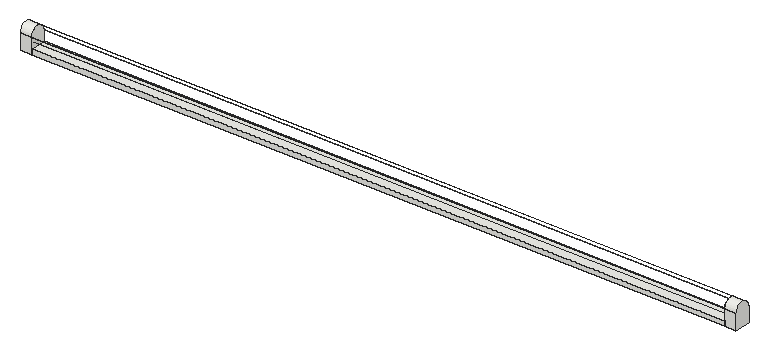
Revit family
Parameters (values of type "1200mm")
  Wattage = 8.07853 W
  built-in parameter 1150110 = 1 (stored number, unit not read)
  built-in parameter 1114217 = 1 (stored number, unit not read)
  built-in parameter 1150109 = 1 (stored number, unit not read)
  built-in parameter 1150134 = 3
  built-in parameter 1150113 = 1 (stored number, unit not read)
  Material Tube = Glass - White, High Luminance
  Material Fitting = Metal - Paint Finish - Ivory,Glossy
  built-in parameter 1150105 = 95.493 (stored number, unit not read)
  built-in parameter 1150115 = 1 (stored number, unit not read)
  Light Source Symbol Size = 609.6 mm
  built-in parameter 1150137 = (empty or 0)
  built-in parameter 1150139 = (empty or 0)
  built-in parameter 1150112 = 1 (stored number, unit not read)
  built-in parameter 1150114 = 1 (stored number, unit not read)
  Lamp = "T-12"
  Length = 1200 mm
  Light Elevation = 2000 mm
  Lumens = 1200 lm
  Wattage Comments = "20"
  Keynote = "V"
  built-in parameter 1150132 = 2
  built-in parameter 1150102 = (empty or 0)
  built-in parameter 1150107 = 3200 (stored number, unit not read)
  built-in parameter 1150138 = (empty or 0)
  built-in parameter 1150106 = 0.95493 (stored number, unit not read)
  Emit from Line Length = 1161.9 mm
  built-in parameter 1150104 = 13.8 (stored number, unit not read)
  Dimming Lamp Color Temperature Shift = (empty or 0)
  Color Filter = 16777215
  built-in parameter 1114218 = 1 (stored number, unit not read)
  built-in parameter 1150133 = 10 (stored number, unit not read)
  Assembly Code = ""
Types (4, lengths in mm): name | Wattage | built-in parameter 1150134 | built-in parameter 1150105 | Length | Lumens | Wattage Comments | built-in parameter 1150107 | built-in parameter 1150106 | Emit from Line Length
  1200mm | 8.07853 W | 3 | 95.493 (stored number, unit not read) | 1200 | 1200 lm | "20" | 3200 (stored number, unit not read) | 0.95493 (stored number, unit not read) | 1161.9
  0600mm | 4.03926 W | 3 | 47.746 (stored number, unit not read) | 600 | 600 lm | "10" | 3200 (stored number, unit not read) | 0.47746 (stored number, unit not read) | 1161.9
  2778 | 8.07853 W | (empty or 0) | 95.493 (stored number, unit not read) | 2778 | 1200 lm | "20" | 4500 (stored number, unit not read) | 0.95493 (stored number, unit not read) | 2778
  3921 | 8.07853 W | (empty or 0) | 95.493 (stored number, unit not read) | 3921 | 1200 lm | "20" | 4500 (stored number, unit not read) | 0.95493 (stored number, unit not read) | 3921
Reference planes
  plane 1 "Light Source Axis": y = 0
  plane 2: z = 0
  plane 3 "Light Source Axis": x = 0
  plane 4 "Light Source Elevation": z = 2025.4
  plane 5: x = -600
  plane 6: x = 600
  plane 7: x = 580.95
  plane 8: x = -580.95
  plane 9: z = 2000
Forms (mm)
  Sweep 1, solid, material "Glass - White, High Luminance" <- "Material Tube"
    path origin (0, 0, 2025.4) x (0, -1, 0) y (1, 0, 0)
      loop
        line (0, -580.95) -> (0, 580.95)
    profile origin (0, 0, 2025.4) x (0, 1, 0) y (0, 0, 1)
      loop
        circle (0, 0) r 12.7
  Extrusion 2, solid, material "Metal - Paint Finish - Ivory,Glossy" <- "Material Fitting"
    sketch origin (-580.95, 0, 2666.5) x (0, 0, 1) y (0, 1, 0)
      loop
        line (-666.5, 12.7) -> (-666.5, -12.7) -> (-641.1, -12.7)
        arc (-641.1, -12.7) -> (-628.4, 0) -> (-641.1, 12.7) r 12.7
        line (-641.1, 12.7) -> (-666.5, 12.7)
    from 0 to 19.05
  Extrusion 3, solid, material "Metal - Paint Finish - Ivory,Glossy" <- "Material Fitting"
    sketch origin (580.95, 0, 2012.7) x (0, 1, 0) y (0, 0, 1)
      loop
        line (-12.7, -12.7) -> (12.7, -12.7) -> (12.7, 12.7)
        arc (12.7, 12.7) -> (0, 25.4) -> (-12.7, 12.7) r 12.7
        line (-12.7, 12.7) -> (-12.7, -12.7)
    from 0 to 19.05
  Extrusion 4, solid, material "Metal - Paint Finish - Ivory,Glossy" <- "Material Fitting"
    sketch origin (600, 0, 2012.7) x (0, 1, 0) y (0, 0, 1)
      loop
        line (12.7, -12.7) -> (12.7, -4.031) -> (-12.7, -4.031) -> (-12.7, -12.7) -> (12.7, -12.7)
    from -1180.95 to -19.05
Lines and regions (mm)
  symbolic lines
    curve 1: line (600, 12.7, 0) -> (-600, 12.7, 0)
    curve 2: line (600, -12.7, 0) -> (600, 12.7, 0)
    curve 3: line (-600, -12.7, 0) -> (600, -12.7, 0)
    curve 4: line (-600, 12.7, 0) -> (-600, -12.7, 0)
Dimensions and locks
  equal spacing: plane 5, plane 3 "Light Source Axis", plane 6
  "Length": plane 5 to plane 6
  locked: plane 5 to plane 8 at 19.05
  locked: plane 7 to plane 6 at 19.05
  locked: plane 4 "Light Source Elevation" to plane 9 at 25.4
  "Light Elevation": plane 9 to plane 2
  aligned and locked: plane 8 to Sweep 1 sketch curve
  aligned and locked: plane 7 to Sweep 1 sketch curve
  aligned and locked: Extrusion 2 to Sweep 1
  aligned and locked: Extrusion 3 sketch curve to Sweep 1
  aligned and locked: Extrusion 3 to Sweep 1
  aligned and locked: Extrusion 3 to plane 6
  aligned and locked: Extrusion 4 sketch curve to Extrusion 2  (x3)
  aligned and locked: Extrusion 4 to Sweep 1
  aligned and locked: curve 1 to plane 6
  aligned and locked: curve 4 to Extrusion 2  (x2)
  aligned and locked: plane 9 to Extrusion 2
  aligned and locked: plane 5 to Extrusion 2
  aligned and locked: plane 8 to Extrusion 4
  aligned and locked: Extrusion 4 to plane 7
  aligned and locked: plane 6 to Extrusion 3  (x2)
  aligned and locked: plane 3 "Light Source Axis" to imposter light
  aligned and locked: plane 1 "Light Source Axis" to imposter light
  aligned and locked: plane 4 "Light Source Elevation" to imposter light
Automatic sketch dimensions
  Sweep 1 sketch curve to plane 4 "Light Source Elevation" = 0 mm
  Sweep 1 sketch curve to profile plane = 0 mm
  profile plane to Sweep 1 sketch curve = 12.7 mm
  Sweep 1 sketch curve to plane 1 "Light Source Axis" = 0 mm
  Extrusion 2 sketch curve to plane 1 "Light Source Axis" = 0 mm
  Extrusion 2 sketch curve to plane 4 "Light Source Elevation" = 0 mm
  Extrusion 2 sketch curve to Extrusion 2 sketch curve = 25.4 mm
  plane 1 "Light Source Axis" to Extrusion 2 sketch curve = 12.7 mm
  Extrusion 3 sketch curve to Extrusion 3 sketch curve = 25.4 mm
  Extrusion 4 sketch curve to Extrusion 4 sketch curve = 8.669 mm
  curve 4 to plane 1 "Light Source Axis" = 12.7 mm
